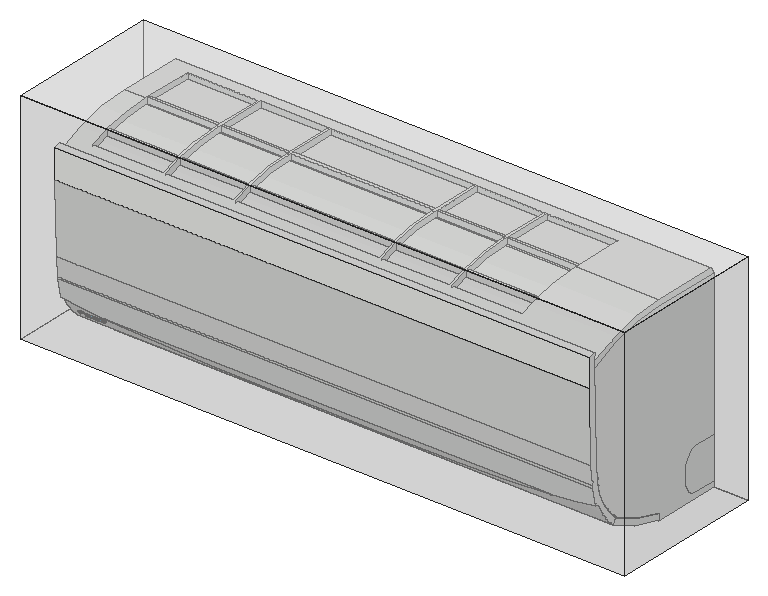
Revit family "outputfile", category 機械設備, Revit 2024
Family settings
  丸型コネクタ寸法 = 半径を使用
  パーツ タイプ = 標準
  OmniClass 番号 = 23.75.10.24.21.27.27
  OmniClass タイトル = Split System Air Conditioning Units
  作業面ベース = いいえ
  常に垂直 = はい
  ロード時にボイドで切り取り = いいえ
  注釈の向きを維持 = いいえ
  共有 = いいえ
  部屋計算ポイント = いいえ
Parameters (values of type "CTXM35RVMA")
  Description = ""
  書き出し IFC クラス(タイプ) = "IfcUnitaryEquipmentType"
  定義済み IFC タイプ(タイプ) = "AIRCONDITIONINGUNIT"
  Cost = 0
  Type Comments = ""
  Keynote = ""
  Type Image = (empty or 0)
  Assembly Code = ""
  w_wall hole = if(Width = 770.0 mm, 48.0 mm, if(Width = 990.0 mm, 60.0 mm, 89.0 mm))  # 48.0 mm
  製造元 = "Daikin"
  モデル = "CTXM35RVMA"
  switch_frequency = yes
  r_Liquid Pipe Size = Liquid Pipe Size / 2  # 3.2 mm
  r_Gas Pipe Size = Gas Pipe Size / 2  # 4.75 mm
  r_Drain Pipe Size = Drain Pipe Size / 2  # 8.0 mm
  lw_powersupply [instance] = if(Width = 770.0 mm, if(or(Rear Right Connection_refrigerant, Bottom Right Connection_refrigerant), 25.0 mm, if(or(Rear Left Connection_refrigerant, Bottom Left Connection_refrigerant), 745.0 mm, 400.0 mm)), if(Width = 990.0 mm, if(or(Rear Right Connection_refrigerant, Bottom Right Connection_refrigerant), 40.0 mm, if(or(Rear Left Connection_refrigerant, Bottom Left Connection_refrigerant), 920.0 mm, 400.0 mm)), if(Width = 1200.0 mm, if(or(Rear Right Connection_refrigerant, Bottom Right Connection_refrigerant), 89.0 mm - 19.0 mm, if(or(Rear Left Connection_refrigerant, Bottom Left Connection_refrigerant), 675.0 mm + (990.0 mm - 770.0 mm) + 145.0 mm + 22.0 mm + 89.0 mm, 400.0 mm)), if(or(Rear Right Connection_refrigerant, Bottom Right Connection_refrigerant), 89.0 mm - 19.0 mm, if(or(Rear Left Connection_refrigerant, Bottom Left Connection_refrigerant), 675.0 mm + (990.0 mm - 770.0 mm) + 145.0 mm + 22.0 mm + 89.0 mm, 400.0 mm)))))  # 400.0 mm
  lw_liquidpipe [instance] = if(Width = 770.0 mm, if(or(Rear Right Connection_refrigerant, Bottom Right Connection_refrigerant), 0.0 mm, if(or(Rear Left Connection_refrigerant, Bottom Left Connection_refrigerant), 664.0 mm, 385.0 mm)), if(Width = 990.0 mm, if(or(Rear Right Connection_refrigerant, Bottom Right Connection_refrigerant), 0.0 mm, if(or(Rear Left Connection_refrigerant, Bottom Left Connection_refrigerant), 664.0 mm + (990.0 mm - 770.0 mm), 475.0 mm)), if(Width = 1200.0 mm, if(or(Rear Right Connection_refrigerant, Bottom Right Connection_refrigerant), 0.0 mm, if(or(Rear Left Connection_refrigerant, Bottom Left Connection_refrigerant), 664.0 mm + (990.0 mm - 770.0 mm) + 145.0 mm, 460.0 mm)), if(or(Rear Right Connection_refrigerant, Bottom Right Connection_refrigerant), 0.0 mm, if(or(Rear Left Connection_refrigerant, Bottom Left Connection_refrigerant), 664.0 mm + (990.0 mm - 770.0 mm) + 145.0 mm, 460.0 mm)))))  # 385.0 mm
  lw_gaspipe [instance] = if(Width = 770.0 mm, if(or(Rear Right Connection_refrigerant, Bottom Right Connection_refrigerant), 0.0 mm, if(or(Rear Left Connection_refrigerant, Bottom Left Connection_refrigerant), 675.0 mm, if(Gas Pipe Size = 12.7 mm, 345.0 mm, 335.0 mm))), if(Width = 990.0 mm, if(or(Rear Right Connection_refrigerant, Bottom Right Connection_refrigerant), 10.0 mm, if(or(Rear Left Connection_refrigerant, Bottom Left Connection_refrigerant), 890.0 mm, if(Gas Pipe Size = 15.9 mm, 410.0 mm, 400.0 mm))), if(Width = 1200.0 mm, if(or(Rear Right Connection_refrigerant, Bottom Right Connection_refrigerant), 10.0 mm, if(or(Rear Left Connection_refrigerant, Bottom Left Connection_refrigerant), 675.0 mm + (990.0 mm - 770.0 mm) + 145.0 mm, 400.0 mm)), if(or(Rear Right Connection_refrigerant, Bottom Right Connection_refrigerant), 10.0 mm, if(or(Rear Left Connection_refrigerant, Bottom Left Connection_refrigerant), 675.0 mm + (990.0 mm - 770.0 mm) + 145.0 mm, 400.0 mm)))))  # 335.0 mm
  lw_drainpipe [instance] = if(Width = 770.0 mm, if(or(Rear Right Connection_refrigerant, Bottom Right Connection_refrigerant), 0.0 mm, if(or(Rear Left Connection_refrigerant, Bottom Left Connection_refrigerant), 770.0 mm - 48.0 mm - 48.0 mm, 440.0 mm)), if(Width = 990.0 mm, if(or(Rear Right Connection_refrigerant, Bottom Right Connection_refrigerant), 0.0 mm, if(or(Rear Left Connection_refrigerant, Bottom Left Connection_refrigerant), 675.0 mm + (990.0 mm - 770.0 mm), 435.0 mm)), if(Width = 1200.0 mm, if(or(Rear Right Connection_refrigerant, Bottom Right Connection_refrigerant), 0.0 mm, if(or(Rear Left Connection_refrigerant, Bottom Left Connection_refrigerant), 675.0 mm + (990.0 mm - 770.0 mm) + 145.0 mm, 465.0 mm)), if(or(Rear Right Connection_refrigerant, Bottom Right Connection_refrigerant), 0.0 mm, if(or(Rear Left Connection_refrigerant, Bottom Left Connection_refrigerant), 675.0 mm + (990.0 mm - 770.0 mm) + 145.0 mm, 465.0 mm)))))  # 440.0 mm
  l_powersupply_length [instance] = if(Width = 770.0 mm, if(Right Connection_refrigerant, 400.0 mm, if(Left Connection_refrigerant, 770.0 mm - 400.0 mm, if(or(Rear Left Connection_refrigerant, Rear Right Connection_refrigerant), 15.0 mm, 50.0 mm))), if(Width = 990.0 mm, if(Right Connection_refrigerant, 400.0 mm, if(Left Connection_refrigerant, 990.0 mm - 400.0 mm, if(or(Rear Left Connection_refrigerant, Rear Right Connection_refrigerant), 15.0 mm, 50.0 mm))), if(Width = 1200.0 mm, if(Right Connection_refrigerant, 400.0 mm, if(Left Connection_refrigerant, 1200.0 mm - 400.0 mm, if(or(Rear Left Connection_refrigerant, Rear Right Connection_refrigerant), 15.0 mm, 50.0 mm))), if(Right Connection_refrigerant, 400.0 mm, if(Left Connection_refrigerant, 1200.0 mm - 400.0 mm, if(or(Rear Left Connection_refrigerant, Rear Right Connection_refrigerant), 15.0 mm, 50.0 mm))))))  # 400.0 mm
  l_liquidpipe_length [instance] = if(Width = 770.0 mm, if(Right Connection_refrigerant, 433.0 mm, if(Left Connection_refrigerant, 337.0 mm, if(or(Rear Left Connection_refrigerant, Rear Right Connection_refrigerant), 30.0 mm, 40.0 mm))), if(Width = 990.0 mm, if(Right Connection_refrigerant, 535.0 mm, if(Left Connection_refrigerant, 455.0 mm, if(or(Rear Left Connection_refrigerant, Rear Right Connection_refrigerant), 30.0 mm, 40.0 mm))), if(Width = 1200.0 mm, if(Right Connection_refrigerant, 549.0 mm, if(Left Connection_refrigerant, 1200.0 mm - 549.0 mm, if(or(Rear Left Connection_refrigerant, Rear Right Connection_refrigerant), 30.0 mm, 40.0 mm))), if(Right Connection_refrigerant, 549.0 mm, if(Left Connection_refrigerant, 1200.0 mm - 549.0 mm, if(or(Rear Left Connection_refrigerant, Rear Right Connection_refrigerant), 30.0 mm, 40.0 mm))))))  # 433.0 mm
  l_gaspipe_length [instance] = if(Width = 770.0 mm, if(Right Connection_refrigerant, if(Gas Pipe Size = 12.7 mm, 393.0 mm, 383.0 mm), if(Left Connection_refrigerant, if(Gas Pipe Size = 12.7 mm, 770.0 mm - 393.0 mm, 770.0 mm - 383.0 mm), if(or(Rear Left Connection_refrigerant, Rear Right Connection_refrigerant), 40.0 mm, 50.0 mm))), if(Width = 990.0 mm, if(Right Connection_refrigerant, if(Gas Pipe Size = 15.9 mm, 470.0 mm, 460.0 mm), if(Left Connection_refrigerant, if(Gas Pipe Size = 15.9 mm, 990.0 mm - 470.0 mm, 990.0 mm - 460.0 mm), if(or(Rear Left Connection_refrigerant, Rear Right Connection_refrigerant), 40.0 mm, 50.0 mm))), if(Width = 1200.0 mm, if(Right Connection_refrigerant, 489.0 mm, if(Left Connection_refrigerant, 1200.0 mm - 489.0 mm, if(or(Rear Left Connection_refrigerant, Rear Right Connection_refrigerant), 40.0 mm, 50.0 mm))), if(Right Connection_refrigerant, 489.0 mm, if(Left Connection_refrigerant, 1200.0 mm - 489.0 mm, if(or(Rear Left Connection_refrigerant, Rear Right Connection_refrigerant), 40.0 mm, 50.0 mm))))))  # 383.0 mm
  l_drainpipe_length [instance] = if(Width = 770.0 mm, if(Right Connection_refrigerant, 488.0 mm, if(Left Connection_refrigerant, 282.0 mm, if(or(Rear Left Connection_refrigerant, Rear Right Connection_refrigerant), 15.0 mm, 20.0 mm))), if(Width = 990.0 mm, if(Right Connection_refrigerant, 495.0 mm, if(Left Connection_refrigerant, 495.0 mm, if(or(Rear Left Connection_refrigerant, Rear Right Connection_refrigerant), 15.0 mm, 20.0 mm))), if(Width = 1200.0 mm, if(Right Connection_refrigerant, 554.0 mm, if(Left Connection_refrigerant, 1200.0 mm - 554.0 mm, if(or(Rear Left Connection_refrigerant, Rear Right Connection_refrigerant), 15.0 mm, 20.0 mm))), if(Right Connection_refrigerant, 554.0 mm, if(Left Connection_refrigerant, 1200.0 mm - 554.0 mm, if(or(Rear Left Connection_refrigerant, Rear Right Connection_refrigerant), 15.0 mm, 20.0 mm))))))  # 488.0 mm
  h*** = 0.0 mm  # constant formula
  connector_voltage = Voltage_50Hz  # 230 V
  connector_powerinput = if([Power Input (Cooling)] > [Power Input (Heating)], [Power Input (Cooling)], [Power Input (Heating)])  # 0.000 kW
  connector_phase = Phase_50Hz  # 1
  angle_vertical [instance] = if(or(Bottom Left Connection_refrigerant, Bottom Right Connection_refrigerant), 0.00°, 90.00°)  # 90.00°
  angle_horizontal [instance] = if(Right Connection_refrigerant, 90.00°, if(Left Connection_refrigerant, -90.00°, if(or(Rear Left Connection_refrigerant, Rear Right Connection_refrigerant), 180.00°, 0.00°)))  # 90.00°
  Width = 770.0 mm
  Voltage_comment_50Hz = "220 - 240"
  Voltage_50Hz = 230 V
  Version = "ver.1.0"
  Unit Type = "Wall Mounted"
  Unit Mass Weight = 9.00 kg
  Unit Designation [instance] = ""
  Uniclass2015Version = "Products v1.30"
  Uniclass2015Title = "Split coil room air conditioning units"
  Uniclass2015Code = "Pr_70_65_03_86"
  URL = ""
  Total Heating Capacity [instance] = 0.000 kW
  Total Cooling Capacity [instance] = 0.000 kW
  Sound Pressure Level_M speed (dBA) = 34
  Sound Pressure Level_L speed (dBA) = 26
  Sound Pressure Level_H speed (dBA) = 42
  Sound Power Level_H speed (dB) = 0
  Series = "Multi Split_Fan Coil Unit"
  Sensible Cooling Capacity [instance] = 0.000 kW
  Refrigerant Type = "R32"
  Power Input (Heating) = 0.000 kW
  Power Input (Cooling) = 0.000 kW
  Phase_50Hz = 1
  Option Accessory 3 [instance] = ""
  Option Accessory 2 [instance] = ""
  Option Accessory 1 [instance] = ""
  Nominal Heating Capacity = 4.300 kW
  Nominal Cooling Capacity = 3.500 kW
  Minimum Circuit Amps_50Hz = 0.0 A
  Minimum Airflow = 354.00 m³/h
  Median Airflow = 474.00 m³/h
  Maximum Fuse Amps_50Hz = 0.0 A
  Maximum Airflow = 678.00 m³/h
  Material_Casing = DAIKIN_White_Casing_indoorunit
  Load Classification = HVAC
  Liquid Pipe Size = 6.4 mm
  Link_Nested Family [instance] = ""
  IfcVersion = ""
  IfcExportType = "AIRCONDITIONINGUNIT"
  IfcExportAs = "IfcUnitaryEquipmentType"
  Height = 285.0 mm
  Heating Entering Wet Bulb Temperature [instance] = 0.00 °C
  Heating Entering Dry Bulb Temperature [instance] = 0.00 °C
  Heating Ambient Wet Bulb Temperature [instance] = 0.00 °C
  Heating Ambient Dry Bulb Temperature [instance] = 0.00 °C
  Heat Exchanger Type = "Cross Fin Coil"
  Gas Pipe Size = 9.5 mm
  Frequency_50Hz = 50 Hz
  Fan Type = "Cross Flow Fan"
  Fan Drive = "Direct Drive"
  FCU Tag No. [instance] = ""
  Drain Pipe Size = 16.0 mm
  Design Supply Airflow [instance] = 0.00 m³/h
  Depth = 223.0 mm
  既定の高さ = 0.0 mm
  Cooling Entering Wet Bulb Temperature [instance] = 0.00 °C
  Cooling Entering Dry Bulb Temperature [instance] = 0.00 °C
  Cooling Ambient Wet Bulb Temperature [instance] = 0.00 °C
  Cooling Ambient Dry Bulb Temperature [instance] = 0.00 °C
  Clearance visibility [instance] = yes
  Clearance Top = 30.0 mm
  Clearance Right = 50.0 mm
  Clearance Rear = 0.0 mm
  Clearance Left = 50.0 mm
  Clearance Front = 0.0 mm
  Clearance Bottom = 0.0 mm
  Bottom Right Connection_refrigerant [instance] = no
  Bottom Left Connection_refrigerant [instance] = no
  Rear Right Connection_refrigerant [instance] = no
  Rear Left Connection_refrigerant [instance] = no
  Right Connection_refrigerant [instance] = yes
  Left Connection_refrigerant [instance] = no
Reference planes
  plane 1 "Back": y = 0
  plane 2: z = 0
  plane 3 "Center (Left/Right)": x = 0
  plane 4 "Center (Front/Back)": y = -111.5
  plane 5 "Front": y = -223
  plane 6 "Left": x = -385
  plane 7 "Right": x = 385
  plane 8 "Top": z = 0
  plane 9 "Bottom": z = -285
  plane 10: x = -435
  plane 11: x = 435
  plane 12: y = 0
  plane 13: y = -223
  plane 14: z = 30
  plane 15: z = -285
  plane 16 "lw_Piping and Wiring intake": x = 337
  plane 17 "lw_gaspipe": x = 2
  plane 18 "lw_liquidpipe": x = -48
  plane 19 "lw_drainpipe": x = -103
  plane 20 "lh_drainpipe": z = -265
  plane 21 "lh_liquidpipe": z = -245
  plane 22 "lh_gaspipe": z = -235
  plane 23 "ld_drainpipe": y = -15
  plane 24 "ld_liquidpipe": y = -30
  plane 25 "ld_gaspipe": y = -40
  plane 26 "lw_powersupply": x = -15
Dimensions and locks
  equal spacing: plane 6 "Left", plane 3 "Center (Left/Right)", plane 7 "Right"
  "Width": plane 6 "Left" to plane 7 "Right"
  equal spacing: plane 5 "Front", plane 4 "Center (Front/Back)", plane 1 "Back"
  "Depth": plane 5 "Front" to plane 1 "Back"
  "Height": plane 8 "Top" to plane 9 "Bottom"
  "Clearance Rear": plane 12 to plane 1 "Back"
  "Clearance Front": plane 13 to plane 5 "Front"
  "Clearance Top": plane 14 to plane 8 "Top"
  "Clearance Bottom": plane 9 "Bottom" to plane 15
  "w_wall hole": plane 16 "lw_Piping and Wiring intake" to plane 7 "Right"
  "lw_gaspipe": plane 17 "lw_gaspipe" to plane 16 "lw_Piping and Wiring intake"
  "lw_liquidpipe": plane 18 "lw_liquidpipe" to plane 16 "lw_Piping and Wiring intake"
  "lw_drainpipe": plane 19 "lw_drainpipe" to plane 16 "lw_Piping and Wiring intake"
  locked: plane 20 "lh_drainpipe" to plane 9 "Bottom" at 20
  locked: plane 21 "lh_liquidpipe" to plane 9 "Bottom" at 40
  locked: plane 22 "lh_gaspipe" to plane 9 "Bottom" at 50
  locked: plane 23 "ld_drainpipe" to plane 1 "Back" at 15
  locked: plane 1 "Back" to plane 24 "ld_liquidpipe" at 30
  locked: plane 1 "Back" to plane 25 "ld_gaspipe" at 40
  "lw_powersupply": plane 26 "lw_powersupply" to plane 7 "Right"
  "Clearance Right": plane 7 "Right" to plane 11
  "Clearance Left": plane 10 to plane 6 "Left"
  aligned and locked: level to plane 2
  aligned and locked: plane 12 to nested 1
  aligned and locked: nested 1 to plane 13
  aligned and locked: plane 10 to nested 1
  aligned and locked: plane 11 to nested 1
  aligned and locked: plane 15 to nested 1
  aligned and locked: plane 14 to nested 1
  aligned and locked: plane 17 "lw_gaspipe" to nested 2
  aligned and locked: nested 2 to plane 25 "ld_gaspipe"
  aligned and locked: plane 18 "lw_liquidpipe" to nested 3
  aligned and locked: nested 3 to plane 24 "ld_liquidpipe"
  aligned and locked: plane 19 "lw_drainpipe" to nested 4
  aligned and locked: nested 4 to plane 23 "ld_drainpipe"
  aligned and locked: nested 5 to plane 23 "ld_drainpipe"
  aligned and locked: plane 26 "lw_powersupply" to nested 5
  aligned and locked: level to plane 8 "Top"
  aligned and locked: plane 3 "Center (Left/Right)" to nested 6
  aligned and locked: plane 1 "Back" to nested 6
  aligned and locked: plane 8 "Top" to nested 6
Nested families
  nested 1: "daikin_clearancespace" at (0, -111.5, -127.381), show <- "Clearance visibility", visible <- "Clearance visibility", Link_Nested Family <- "Link_Nested Family", type "daikin_clearancespace"
    with width 870.0 mm, show yes, height 315.0 mm, depth 223.0 mm, Link_Nested Family ""
  nested 2: "daikin_connector_rotate3" at (2, -40, -235), angle_vertical <- "angle_vertical", angle_horizontal <- "angle_horizontal", length <- "l_gaspipe_length", radius <- "r_Gas Pipe Size", type "daikin_connector_rotate3"
    with show no, radius 4.75 mm, length 383.0 mm, angle_vertical 90.00°, angle_horizontal 90.00°
  nested 3: "daikin_connector_rotate3" at (-48, -30, -245), angle_vertical <- "angle_vertical", angle_horizontal <- "angle_horizontal", radius <- "r_Liquid Pipe Size", length <- "l_liquidpipe_length", type "daikin_connector_rotate3"
    with show no, radius 3.2 mm, length 433.0 mm, angle_vertical 90.00°, angle_horizontal 90.00°
  nested 4: "daikin_connector_rotate3" at (-103, -15, -265), angle_vertical <- "angle_vertical", angle_horizontal <- "angle_horizontal", length <- "l_drainpipe_length", radius <- "r_Drain Pipe Size", type "daikin_connector_rotate3"
    with show no, radius 8.0 mm, length 488.0 mm, angle_vertical 90.00°, angle_horizontal 90.00°
  nested 5: "daikin_connector_rotate3" at (-15, -15, -235), angle_vertical <- "angle_vertical", angle_horizontal <- "angle_horizontal", length <- "l_powersupply_length", type "daikin_connector_rotate3"
    with show no, radius 10.0 mm, length 400.0 mm, angle_vertical 90.00°, angle_horizontal 90.00°
  nested 6: "DAIKIN_indoorunit_CTXM-RVMA" at (-31, 0, 0), type "CTXM-RVMA"
Connectors
  piping at (385, -40, -235), diameter 9.5, driven by "r_Gas Pipe Size"
    settings: on nested 2, index 1, connector inside diameter 609.6 mm, connector length 0.0 mm, flow factor 0, pipe flow 0.00 m³/h, pressure drop 0.0 Pa, fitting loss kfactor 0, connector angle 0.00°, fixture units 0, engagement length 0.0 mm, angle of deflection 0.00°, flow configuration 1, flow direction 2, fitting loss method 0, system type 29, joint type 0, gender type 0, connector reference index -1, connector utility 0, adjustable connector no, is connector primary yes, connector description "Refrigerant Gas Piping"
  piping at (385, -30, -245), diameter 6.4, driven by "r_Liquid Pipe Size"
    settings: on nested 3, index 2, connector inside diameter 609.6 mm, connector length 0.0 mm, flow factor 0, pipe flow 0.00 m³/h, pressure drop 0.0 Pa, fitting loss kfactor 0, connector angle 0.00°, fixture units 0, engagement length 0.0 mm, angle of deflection 0.00°, flow configuration 1, flow direction 1, fitting loss method 0, system type 29, joint type 0, gender type 0, connector reference index -1, connector utility 0, adjustable connector no, is connector primary no, connector description "Refrigerant Liquid Piping"
  piping at (385, -15, -265), diameter 16, driven by "r_Drain Pipe Size"
    settings: on nested 4, index 3, connector inside diameter 609.6 mm, connector length 0.0 mm, flow factor 0, pipe flow 0.00 m³/h, pressure drop 0.0 Pa, fitting loss kfactor 0, connector angle 0.00°, fixture units 0, engagement length 0.0 mm, angle of deflection 0.00°, flow configuration 1, flow direction 2, fitting loss method 4, system type 16, joint type 0, gender type 0, connector reference index -1, connector utility 0, adjustable connector no, is connector primary no, connector description "Condensate Drain Piping"
  electrical at (385, -15, -235), driven by "Load Classification", driven by "connector_voltage", driven by "connector_phase", driven by "connector_powerinput"
    settings: on nested 5, index 4, voltage 230 V, apparent load 0 VA, apparent load phase1 0 VA, apparent load phase2 0 VA, apparent load phase3 0 VA, power factor 1, load classification "HVAC", number of poles 1, system type 30, power factor state 1, is connector primary yes, connector utility no, sub classification motor no, connector description "Power Supply"
Definition of nested family "daikin_clearancespace"
  Parameters (values of type "daikin_clearancespace")
    Description = "daikin_clearancespace"
    width [instance] = 1823.963 mm
    show [instance] = yes
    material = none
    height [instance] = 1359.762 mm
    depth [instance] = 880.0 mm
    Default Elevation = 0.0 mm
    Link_Nested Family [instance] = ""
  Reference planes
    plane 1 "Center (Front/Back)": y = 0
    plane 2 "Center (Elevation)": z = -0.119
    plane 3 "Center (Left/Right)": x = 0
    plane 4: y = 440
    plane 5: y = -440
    plane 6 "Right": x = 911.982
    plane 7 "Left": x = -911.982
    plane 8 "Top": z = 679.762
    plane 9 "Bottom": z = -680
  Forms (mm)
    Extrusion 1, solid, material <- "material", visible <- "show"
      sketch origin (0, 0, 0) x (1, 0, 0) y (0, 1, 0)
        loop
          line (-911.982, 440) -> (-911.982, -440) -> (911.982, -440) -> (911.982, 440) -> (-911.982, 440)
      from -680 to 679.762
  Lines and regions (mm)
    symbolic lines, visible <- "show"
      curve 1: line (911.982, 440, 0) -> (-911.982, 440, 0)
      curve 2: line (-911.982, 440, 0) -> (-911.982, -440, 0)
      curve 3: line (-911.982, -440, 0) -> (911.982, -440, 0)
      curve 4: line (911.982, -440, 0) -> (911.982, 440, 0)
      curve 5: line (911.982, 0, 679.762) -> (-911.982, 0, 679.762)
      curve 6: line (911.982, 0, -680) -> (911.982, 0, 679.762)
      curve 7: line (-911.982, 0, -680) -> (911.982, 0, -680)
      curve 8: line (-911.982, 0, 679.762) -> (-911.982, 0, -680)
      curve 9: line (0, 440, 679.762) -> (0, -440, 679.762)
      curve 10: line (0, -440, 679.762) -> (0, -440, -680)
      curve 11: line (0, 440, -680) -> (0, 440, 679.762)
      curve 12: line (0, -440, -680) -> (0, 440, -680)
  Dimensions and locks
    "width": plane 7 "Left" to plane 6 "Right"
    "depth": plane 4 to plane 5
    "height": plane 8 "Top" to plane 9 "Bottom"
    equal spacing: plane 7 "Left", plane 3 "Center (Left/Right)", plane 6 "Right"
    equal spacing: plane 4, plane 1 "Center (Front/Back)", plane 5
    equal spacing: plane 8 "Top", plane 2 "Center (Elevation)", plane 9 "Bottom"
    aligned and locked: level to plane 2 "Center (Elevation)"
    aligned and locked: Extrusion 1 sketch curve to plane 4
    aligned and locked: plane 7 "Left" to Extrusion 1 sketch curve
    aligned and locked: Extrusion 1 sketch curve to plane 5
    aligned and locked: Extrusion 1 sketch curve to plane 6 "Right"
    aligned and locked: plane 8 "Top" to Extrusion 1
    aligned and locked: curve 1 to Extrusion 1
    aligned and locked: curve 2 to Extrusion 1
    aligned and locked: curve 3 to Extrusion 1
    aligned and locked: curve 4 to Extrusion 1
    aligned and locked: curve 5 to Extrusion 1
    aligned and locked: curve 6 to Extrusion 1
    aligned and locked: curve 7 to Extrusion 1
    aligned and locked: curve 8 to Extrusion 1
    aligned and locked: curve 9 to Extrusion 1
    aligned and locked: curve 10 to Extrusion 1
    aligned and locked: curve 11 to Extrusion 1
    aligned and locked: curve 12 to Extrusion 1
    aligned and locked: Extrusion 1 to plane 9 "Bottom"
Definition of nested family "DAIKIN_indoorunit_CTXM-RVMA"
  Parameters (values of type "CTXM-RVMA")
    switch_unit1_85-95 = Width = 1200.0 mm  # no
    switch_unit1_50-71 = Width = 990.0 mm  # no
    switch_unit1_20-46 = Width = 770.0 mm  # yes
    Width = 770.0 mm
    WALL HOLE_L = if(Width = 1200.0 mm, 65.0 mm, 48.0 mm)  # 48.0 mm
    WALL HOLE_H = if(Width = 1200.0 mm, 45.0 mm, 44.5 mm)  # 44.5 mm
    WALL HOLE-R = if(Width = 770.0 mm, 48.0 mm, if(Width = 990.0 mm, 60.0 mm, 89.0 mm))  # 48.0 mm
    WALL HOLE Size = if(Width = 770.0 mm, 65.0 mm, 80.0 mm)  # 65.0 mm
    Material_Casing = none
    Height = if(Width = 770.0 mm, 285.0 mm, if(Width = 990.0 mm, 295.0 mm, 340.0 mm))  # 285.0 mm
    Default Elevation = 0.0 mm
  Reference planes
    plane 1 "Center (Front/Back)": y = 0
    plane 2 "reference_level": z = 0
    plane 3 "Center (Left/Right)": x = 31
    plane 4: x = -354
    plane 5: x = 416
    plane 6: z = -285
  Forms (mm)
    Extrusion 1, solid, material <- "Material_Casing", visible <- "switch_unit1_20-46"
      sketch origin (29, 0, 0) x (0, 1, 0) y (0, 0, 1)
        loop
          line (-5, 0) -> (-98, 0)
          arc (-98, 0) -> (-157.611, -7.211) -> (-213.783, -28.427) r 250
          arc (-213.783, -28.427) -> (-213.842, -32.972) -> (-213.892, -37.516) r 2191
          arc (-213.892, -37.516) -> (-157.832, -15.495) -> (-98.07, -8) r 242
          line (-98.07, -8) -> (0, -8) -> (-5, 0)
      from -383 to 387
    Extrusion 2, solid, material <- "Material_Casing", visible <- "switch_unit1_20-46"
      sketch origin (416, 1296.25, 1200) x (0, 1, 0) y (0, 0, 1)
        loop
          line (-1472.998, -1446.91) -> (-1476.998, -1453.839)
          arc (-1476.998, -1453.839) -> (-1437.481, -1472.422) -> (-1395.25, -1483.538) r 240
          line (-1395.25, -1483.538) -> (-1395.25, -1475.422)
          arc (-1395.25, -1475.422) -> (-1435.407, -1464.663) -> (-1472.998, -1446.91) r 232
      from 0 to -47.5
    Extrusion 3, solid, material <- "Material_Casing", visible <- "switch_unit1_20-46"
      sketch origin (29, 0, 0) x (0, 1, 0) y (0, 0, 1)
        loop
          arc (-223, -60.455) -> (-222.414, -110.646) -> (-220.656, -160.81) r 2149.92
          arc (-220.656, -160.81) -> (-219.65, -174.299) -> (-217.853, -187.706) r 229.911
          arc (-217.853, -187.706) -> (-205.371, -223.594) -> (-181.517, -253.17) r 111
          line (-181.517, -253.17) -> (-177.429, -246.093)
          arc (-177.429, -246.093) -> (-198.77, -218.989) -> (-209.965, -186.36) r 103
          arc (-209.965, -186.36) -> (-211.681, -173.586) -> (-212.651, -160.735) r 221.844
          arc (-212.651, -160.735) -> (-214.739, -93.233) -> (-214.74, -25.699) r 2186.828
          arc (-214.74, -25.699) -> (-214.671, -21.467) -> (-214.594, -17.235) r 2192
          line (-214.594, -17.235) -> (-223, -19.961) -> (-223, -60.455)
      from -383 to 387
    Extrusion 4, solid, material <- "Material_Casing", visible <- "switch_unit1_20-46"
      sketch origin (29, 0, 0) x (0, 1, 0) y (0, 0, 1)
        loop
          line (-181.517, -253.17) -> (-179.597, -249.846)
          arc (-179.597, -249.846) -> (-202.009, -221.399) -> (-213.189, -186.952) r 103
          line (-213.189, -186.952) -> (-217.853, -187.706)
          arc (-217.853, -187.706) -> (-217.533, -189.556) -> (-217.182, -191.4) r 111
          arc (-217.182, -191.4) -> (-213.806, -208.181) -> (-210.362, -224.948) r 4257.809
          arc (-210.362, -224.948) -> (-198.886, -237.857) -> (-186.225, -249.607) r 180
          line (-186.225, -249.607) -> (-181.517, -253.17)
      from -383 to 387
    Extrusion 5, solid, material <- "Material_Casing", visible <- "switch_unit1_20-46"
      sketch origin (29, 0, -20) x (0, 1, 0) y (0, 0, 1)
        loop
          line (0, -265) -> (0, 12) -> (-98.07, 12)
          arc (-98.07, 12) -> (-157.832, 4.505) -> (-213.892, -17.516) r 242
          arc (-213.892, -17.516) -> (-213.638, -79.114) -> (-211.653, -140.681) r 2191
          arc (-211.653, -140.681) -> (-210.685, -153.501) -> (-208.973, -166.243) r 221
          arc (-208.973, -166.243) -> (-197.471, -199.282) -> (-175.482, -226.491) r 102
          arc (-175.482, -226.491) -> (-138.004, -244.019) -> (-98, -254.579) r 231
          line (-98, -254.579) -> (-98, -265) -> (0, -265)
      from -383 to 387
    Extrusion 6, solid, material <- "Material_Casing", visible <- "switch_unit1_20-46"
      sketch origin (-354, 1296.25, 1200) x (0, 1, 0) y (0, 0, 1)
        loop
          line (-1472.998, -1446.91) -> (-1476.998, -1453.839)
          arc (-1476.998, -1453.839) -> (-1437.481, -1472.422) -> (-1395.25, -1483.538) r 240
          line (-1395.25, -1483.538) -> (-1395.25, -1475.422)
          arc (-1395.25, -1475.422) -> (-1435.407, -1464.663) -> (-1472.998, -1446.91) r 232
      from 47 to 0
    Extrusion 7, solid, material <- "Material_Casing", visible <- "switch_unit1_20-46"
      sketch origin (416, 1296.25, 1200) x (0, 1, 0) y (0, 0, 1)
        loop
          line (-1472.998, -1446.91) -> (-1476.998, -1453.839)
          arc (-1476.998, -1453.839) -> (-1443.437, -1470.168) -> (-1407.75, -1481.097) r 240
          line (-1407.75, -1481.097) -> (-1407.75, -1472.894)
          arc (-1407.75, -1472.894) -> (-1441.363, -1462.385) -> (-1472.998, -1446.91) r 232
      from -116.993 to -48.493
    Extrusion 8, solid, material <- "Material_Casing", visible <- "switch_unit1_20-46"
      sketch origin (416, 1296.25, 1200) x (0, 1, 0) y (0, 0, 1)
        loop
          line (-1472.998, -1446.91) -> (-1476.998, -1453.839)
          arc (-1476.998, -1453.839) -> (-1443.437, -1470.168) -> (-1407.75, -1481.097) r 240
          line (-1407.75, -1481.097) -> (-1407.75, -1472.894)
          arc (-1407.75, -1472.894) -> (-1441.363, -1462.385) -> (-1472.998, -1446.91) r 232
      from -717 to -121.993
    Extrusion 9, void
      sketch origin (31, 0, -235) x (1, 0, 0) y (0, 1, 0)
        loop
          line (-252.674, -22.316) -> (-354.941, -22.316) -> (-354.941, -91.341) -> (-252.674, -91.341) -> (-252.674, -22.316)
        loop
          line (-249.341, -91.341) -> (-151.574, -91.341) -> (-151.574, -22.316) -> (-249.341, -22.316) -> (-249.341, -91.341)
        loop
          line (58.309, -22.316) -> (-148.309, -22.316) -> (-148.309, -91.341) -> (58.309, -91.341) -> (58.309, -22.316)
        loop
          line (61.689, -22.316) -> (61.689, -91.341) -> (159.457, -91.341) -> (159.457, -22.316) -> (61.689, -22.316)
        loop
          line (162.789, -22.316) -> (162.789, -91.341) -> (265.057, -91.341) -> (265.057, -22.316) -> (162.789, -22.316)
        loop
          line (-354.941, -94.659) -> (-354.941, -165.259) -> (-252.674, -165.259) -> (-252.674, -94.659) -> (-354.941, -94.659)
        loop
          line (-249.341, -94.659) -> (-249.341, -165.259) -> (-151.574, -165.259) -> (-151.574, -94.659) -> (-249.341, -94.659)
        loop
          line (-148.309, -94.659) -> (-148.309, -165.259) -> (58.309, -165.259) -> (58.309, -94.659) -> (-148.309, -94.659)
        loop
          line (61.689, -94.659) -> (61.689, -165.259) -> (159.457, -165.259) -> (159.457, -94.659) -> (61.689, -94.659)
        loop
          line (162.789, -94.659) -> (162.789, -165.259) -> (265.057, -165.259) -> (265.057, -94.659) -> (162.789, -94.659)
        loop
          line (-354.941, -167.382) -> (-354.941, -192.681) -> (-252.674, -192.681) -> (-252.674, -167.382) -> (-354.941, -167.382)
        loop
          line (-249.341, -167.382) -> (-249.341, -192.681) -> (-151.574, -192.681) -> (-151.574, -167.382) -> (-249.341, -167.382)
        loop
          line (-148.309, -167.382) -> (-148.309, -192.681) -> (58.309, -192.681) -> (58.309, -167.382) -> (-148.309, -167.382)
        loop
          line (159.457, -167.382) -> (61.689, -167.382) -> (61.689, -192.681) -> (159.457, -192.681) -> (159.457, -167.382)
        loop
          line (265.057, -167.382) -> (162.789, -167.382) -> (162.789, -192.681) -> (265.057, -192.681) -> (265.057, -167.382)
      from 201.638 to 250
    Extrusion 10, void
      sketch origin (31, 0, 0) x (1, 0, 0) y (0, 0, 1)
        loop
          arc (597, -174.907) -> (0.056, -245.263) -> (-597, -175.856) r 2585.042
          line (-597, -175.856) -> (-597, -352.872) -> (597, -352.872) -> (597, -174.907)
      from 173 to 315.3
    Extrusion 11, solid, material <- "Material_Casing"
      sketch origin (31, 0, 0) x (1, 0, 0) y (0, 0, 1)
        loop
          circle (337, -240.5) r 32.5
        loop
          circle (-337, -240.5) r 32.5
      from 0 to 5
    Extrusion 12, solid, material <- "Material_Casing", visible <- "switch_unit1_20-46"
      sketch origin (416, 1296.25, 1200) x (0, -1, 0) y (0, 0, 1)
        loop
          line (1326.25, -1417) -> (1296.25, -1417) -> (1296.25, -1477) -> (1326.25, -1477)
          arc (1326.25, -1477) -> (1340.393, -1471.142) -> (1346.25, -1457) r 20
          line (1346.25, -1457) -> (1346.25, -1437)
          arc (1346.25, -1437) -> (1340.393, -1422.858) -> (1326.25, -1417) r 20
      from 0 to 5
    Extrusion 13, solid, material <- "Material_Casing", visible <- "switch_unit1_20-46"
      sketch origin (-354, 1296.25, 1200) x (0, 1, 0) y (0, 0, 1)
        loop
          line (-1296.25, -1417) -> (-1326.25, -1417)
          arc (-1326.25, -1417) -> (-1340.393, -1422.858) -> (-1346.25, -1437) r 20
          line (-1346.25, -1437) -> (-1346.25, -1457)
          arc (-1346.25, -1457) -> (-1340.393, -1471.142) -> (-1326.25, -1477) r 20
          line (-1326.25, -1477) -> (-1296.25, -1477) -> (-1296.25, -1417)
      from 0 to 5
    Extrusion 14, solid, material <- "Material_Casing", visible <- "switch_unit1_20-46"
      sketch origin (31, 0, -285) x (-1, 0, 0) y (0, -1, 0)
        loop
          line (-314, 0) -> (-314, 30)
          arc (-314, 30) -> (-319.858, 44.142) -> (-334, 50) r 20
          line (-334, 50) -> (-354, 50)
          arc (-354, 50) -> (-368.142, 44.142) -> (-374, 30) r 20
          line (-374, 30) -> (-374, 0) -> (-314, 0)
        loop
          line (374, 0) -> (374, 30)
          arc (374, 30) -> (368.142, 44.142) -> (354, 50) r 20
          line (354, 50) -> (334, 50)
          arc (334, 50) -> (319.858, 44.142) -> (314, 30) r 20
          line (314, 30) -> (314, 0) -> (374, 0)
      from 0 to 5
    Extrusion 15, solid, material <- "Material_Casing", visible <- "switch_unit1_50-71"
      sketch origin (31, 0, 0) x (0, 1, 0) y (0, 0, 1)
        loop
          line (-5, 0) -> (-138, 0)
          arc (-138, 0) -> (-197.611, -7.211) -> (-253.783, -28.427) r 250
          arc (-253.783, -28.427) -> (-253.838, -32.687) -> (-253.886, -36.946) r 2191
          arc (-253.886, -36.946) -> (-197.73, -15.346) -> (-138.014, -8) r 246.393
          line (-138.014, -8) -> (0, -8) -> (-5, 0)
      from -495 to 495
    Extrusion 16, solid, material <- "Material_Casing", visible <- "switch_unit1_50-71"
      sketch origin (418, 1296.25, 1200) x (0, 1, 0) y (0, 0, 1)
        loop
          arc (-1515.208, -1454.149) -> (-1506.856, -1460.599) -> (-1497.925, -1466.219) r 110
          arc (-1497.925, -1466.219) -> (-1445.718, -1487.493) -> (-1389.844, -1494.995) r 223
          line (-1389.844, -1494.995) -> (-1389.844, -1486.086) -> (-1404.386, -1486.086)
          arc (-1404.386, -1486.086) -> (-1449.542, -1477.46) -> (-1491.818, -1459.402) r 214.289
          arc (-1491.818, -1459.402) -> (-1501.056, -1453.541) -> (-1509.606, -1446.715) r 101
          line (-1509.606, -1446.715) -> (-1515.208, -1454.149)
      from 108 to 57.5
    Extrusion 17, solid, material <- "Material_Casing", visible <- "switch_unit1_50-71"
      sketch origin (31, 0, 0) x (0, 1, 0) y (0, 0, 1)
        loop
          line (-263, -19.962) -> (-263, -61.6)
          arc (-263, -61.6) -> (-262.414, -110.219) -> (-260.656, -158.81) r 2017.341
          arc (-260.656, -158.81) -> (-255.648, -191.935) -> (-244.041, -223.362) r 164.725
          arc (-244.041, -223.362) -> (-233.569, -239.793) -> (-219.717, -253.495) r 87.379
          line (-219.717, -253.495) -> (-214.706, -246.846)
          arc (-214.706, -246.846) -> (-229.564, -230.029) -> (-240.385, -210.371) r 102
          arc (-240.385, -210.371) -> (-249.049, -182.962) -> (-252.848, -154.467) r 165.789
          arc (-252.848, -154.467) -> (-254.771, -90.102) -> (-254.74, -25.708) r 2122.533
          arc (-254.74, -25.708) -> (-254.671, -21.469) -> (-254.594, -17.23) r 2192
          line (-254.594, -17.23) -> (-263, -19.962)
      from -495 to 495
    Extrusion 18, void
      sketch origin (33, 0, 0) x (1, 0, 0) y (0, 1, 0)
        loop
          line (-466.909, -22.316) -> (-466.909, -111.341) -> (-366.303, -111.341) -> (-366.303, -22.316) -> (-466.909, -22.316)
        loop
          line (-362.71, -22.316) -> (-362.71, -111.341) -> (-262.103, -111.341) -> (-262.103, -22.316) -> (-362.71, -22.316)
        loop
          line (-258.51, -22.316) -> (-258.51, -111.341) -> (-157.904, -111.341) -> (-157.904, -22.316) -> (-258.51, -22.316)
        loop
          line (-154.31, -22.316) -> (-154.31, -111.341) -> (-53.704, -111.341) -> (-53.704, -22.316) -> (-154.31, -22.316)
        loop
          line (-50.11, -22.316) -> (-50.11, -111.341) -> (50.496, -111.341) -> (50.496, -22.316) -> (-50.11, -22.316)
        loop
          line (54.089, -22.316) -> (54.089, -111.341) -> (154.696, -111.341) -> (154.696, -22.316) -> (54.089, -22.316)
        loop
          line (158.289, -22.316) -> (158.289, -111.341) -> (258.895, -111.341) -> (258.895, -22.316) -> (158.289, -22.316)
        loop
          line (262.489, -22.316) -> (262.489, -111.341) -> (363.095, -111.341) -> (363.095, -22.316) -> (262.489, -22.316)
        loop
          line (-466.909, -114.459) -> (-466.909, -185.059) -> (-366.303, -185.059) -> (-366.303, -114.459) -> (-466.909, -114.459)
        loop
          line (-362.71, -114.459) -> (-362.71, -185.059) -> (-262.103, -185.059) -> (-262.103, -114.459) -> (-362.71, -114.459)
        loop
          line (-258.51, -114.459) -> (-258.51, -185.059) -> (-157.904, -185.059) -> (-157.904, -114.459) -> (-258.51, -114.459)
        loop
          line (-154.31, -114.459) -> (-154.31, -185.059) -> (-53.704, -185.059) -> (-53.704, -114.459) -> (-154.31, -114.459)
        loop
          line (-50.11, -114.459) -> (-50.11, -185.059) -> (50.496, -185.059) -> (50.496, -114.459) -> (-50.11, -114.459)
        loop
          line (54.089, -114.459) -> (54.089, -185.059) -> (154.696, -185.059) -> (154.696, -114.459) -> (54.089, -114.459)
        loop
          line (158.289, -114.459) -> (158.289, -185.059) -> (258.895, -185.059) -> (258.895, -114.459) -> (158.289, -114.459)
        loop
          line (262.489, -114.459) -> (262.489, -185.059) -> (363.095, -185.059) -> (363.095, -114.459) -> (262.489, -114.459)
        loop
          line (-466.909, -187.382) -> (-466.909, -232.681) -> (-366.303, -232.681) -> (-366.303, -187.382) -> (-466.909, -187.382)
        loop
          line (-362.71, -187.382) -> (-362.71, -232.681) -> (-262.103, -232.681) -> (-262.103, -187.382) -> (-362.71, -187.382)
        loop
          line (-258.51, -187.382) -> (-258.51, -232.681) -> (-157.904, -232.681) -> (-157.904, -187.382) -> (-258.51, -187.382)
        loop
          line (-154.31, -187.382) -> (-154.31, -232.681) -> (-53.704, -232.681) -> (-53.704, -187.382) -> (-154.31, -187.382)
        loop
          line (-50.11, -187.382) -> (-50.11, -232.681) -> (50.496, -232.681) -> (50.496, -187.382) -> (-50.11, -187.382)
        loop
          line (54.089, -187.382) -> (54.089, -232.681) -> (154.696, -232.681) -> (154.696, -187.382) -> (54.089, -187.382)
        loop
          line (158.289, -187.382) -> (158.289, -232.681) -> (258.895, -232.681) -> (258.895, -187.382) -> (158.289, -187.382)
        loop
          line (262.489, -187.382) -> (262.489, -232.681) -> (363.095, -232.681) -> (363.095, -187.382) -> (262.489, -187.382)
      from -40.013 to 47.268
    Extrusion 19, void
      sketch origin (33, 0, 2300) x (1, 0, 0) y (0, 0, 1)
        loop
          line (705, -2672.872) -> (705, -2462.4)
          arc (705, -2462.4) -> (-2.043, -2534.819) -> (-709, -2461.567) r 3467.757
          line (-709, -2461.567) -> (-709, -2672.872) -> (705, -2672.872)
      from 173 to 315.3
    Extrusion 20, solid, material <- "Material_Casing", visible <- "switch_unit1_50-71"
      sketch origin (-356, 1296.25, 1200) x (0, 1, 0) y (0, 0, -1)
        loop
          line (-1515.208, 1454.149) -> (-1509.606, 1446.715)
          arc (-1509.606, 1446.715) -> (-1501.056, 1453.541) -> (-1491.818, 1459.402) r 101
          arc (-1491.818, 1459.402) -> (-1449.542, 1477.46) -> (-1404.386, 1486.086) r 214.289
          line (-1404.386, 1486.086) -> (-1389.844, 1486.086) -> (-1389.844, 1494.995)
          arc (-1389.844, 1494.995) -> (-1445.718, 1487.493) -> (-1497.925, 1466.219) r 223
          arc (-1497.925, 1466.219) -> (-1506.856, 1460.599) -> (-1515.208, 1454.149) r 110
      from 108 to 61
    Extrusion 21, solid, material <- "Material_Casing", visible <- "switch_unit1_50-71"
      sketch origin (418, 1296.25, 1200) x (0, 1, 0) y (0, 0, 1)
        loop
          arc (-1515.208, -1454.149) -> (-1506.856, -1460.599) -> (-1497.925, -1466.219) r 110
          arc (-1497.925, -1466.219) -> (-1463.185, -1482.066) -> (-1426.25, -1491.755) r 223
          line (-1426.25, -1491.755) -> (-1426.25, -1483.166)
          arc (-1426.25, -1483.166) -> (-1460.008, -1473.969) -> (-1491.818, -1459.402) r 214.289
          arc (-1491.818, -1459.402) -> (-1501.056, -1453.541) -> (-1509.606, -1446.715) r 101
          line (-1509.606, -1446.715) -> (-1515.208, -1454.149)
      from 56.5 to -36.993
    Extrusion 22, solid, material <- "Material_Casing", visible <- "switch_unit1_50-71"
      sketch origin (418, 1296.25, 1200) x (0, 1, 0) y (0, 0, 1)
        loop
          arc (-1426.25, -1483.166) -> (-1443.442, -1479.224) -> (-1460.25, -1473.881) r 214.289
          line (-1460.25, -1473.881) -> (-1460.25, -1483.089)
          arc (-1460.25, -1483.089) -> (-1443.421, -1488.091) -> (-1426.25, -1491.755) r 223
          line (-1426.25, -1491.755) -> (-1426.25, -1483.166)
      from -43.493 to -828.893
    Extrusion 23, solid, material <- "Material_Casing", visible <- "switch_unit1_50-71"
      sketch origin (418, 1296.25, 1200) x (0, 1, 0) y (0, 0, 1)
        loop
          arc (-1515.208, -1454.149) -> (-1506.856, -1460.599) -> (-1497.925, -1466.219) r 110
          arc (-1497.925, -1466.219) -> (-1479.479, -1475.527) -> (-1460.25, -1483.089) r 223
          line (-1460.25, -1483.089) -> (-1460.25, -1473.881)
          arc (-1460.25, -1473.881) -> (-1476.328, -1467.282) -> (-1491.818, -1459.402) r 214.289
          arc (-1491.818, -1459.402) -> (-1501.056, -1453.541) -> (-1509.606, -1446.715) r 101
          line (-1509.606, -1446.715) -> (-1515.208, -1454.149)
      from -43.493 to -828.893
    Extrusion 24, solid, material <- "Material_Casing", visible <- "switch_unit1_50-71"
      sketch origin (31, 0, 0) x (0, 1, 0) y (0, 0, 1)
        loop
          arc (-217.78, -250.924) -> (-234.088, -233.307) -> (-245.826, -212.366) r 102
          arc (-245.826, -212.366) -> (-251.608, -196.062) -> (-255.659, -179.245) r 165.789
          line (-255.659, -179.245) -> (-258.299, -179.737)
          arc (-258.299, -179.737) -> (-257.524, -183.799) -> (-256.646, -187.84) r 164.725
          arc (-256.646, -187.84) -> (-252.868, -206.25) -> (-249.973, -224.82) r 393.089
          arc (-249.973, -224.82) -> (-239.237, -236.969) -> (-227.451, -248.102) r 180
          arc (-227.451, -248.102) -> (-223.723, -250.998) -> (-219.717, -253.495) r 45.878
          line (-219.717, -253.495) -> (-217.78, -250.924)
      from -495 to 495
    Extrusion 25, solid, material <- "Material_Casing", visible <- "switch_unit1_50-71"
      sketch origin (31, 0, -30) x (0, 1, 0) y (0, 0, 1)
        loop
          line (0, 22) -> (-138.014, 22)
          arc (-138.014, 22) -> (-197.73, 14.654) -> (-253.886, -6.946) r 246.393
          arc (-253.886, -6.946) -> (-253.682, -65.635) -> (-251.855, -124.295) r 2120.935
          arc (-251.855, -124.295) -> (-248.086, -152.682) -> (-239.461, -179.988) r 164.789
          arc (-239.461, -179.988) -> (-228.903, -199.231) -> (-214.437, -215.738) r 101
          line (-214.437, -215.738) -> (-212.406, -216.221)
          arc (-212.406, -216.221) -> (-204.07, -222.837) -> (-195.079, -228.53) r 100
          arc (-195.079, -228.53) -> (-145.557, -248.629) -> (-92.593, -255.785) r 213.289
          line (-92.593, -255.785) -> (-92.593, -265) -> (0, -265) -> (0, 22)
      from -495 to 495
    Extrusion 26, solid, material <- "Material_Casing", visible <- "switch_unit1_50-71"
      sketch origin (526, 1296.25, 1200) x (0, -1, 0) y (0, 0, 1)
        loop
          line (1326.25, -1427.035) -> (1296.25, -1427.035) -> (1296.25, -1487.035) -> (1326.25, -1487.035)
          arc (1326.25, -1487.035) -> (1340.393, -1481.177) -> (1346.25, -1467.035) r 20
          line (1346.25, -1467.035) -> (1346.25, -1447.035)
          arc (1346.25, -1447.035) -> (1340.393, -1432.892) -> (1326.25, -1427.035) r 20
      from 0 to 5
    Extrusion 27, solid, material <- "Material_Casing", visible <- "switch_unit1_50-71"
      sketch origin (-459, 1296.25, 1200) x (0, -1, 0) y (0, 0, 1)
        loop
          line (1326.25, -1427.035) -> (1296.25, -1427.035) -> (1296.25, -1487.035) -> (1326.25, -1487.035)
          arc (1326.25, -1487.035) -> (1340.393, -1481.177) -> (1346.25, -1467.035) r 20
          line (1346.25, -1467.035) -> (1346.25, -1447.035)
          arc (1346.25, -1447.035) -> (1340.393, -1432.892) -> (1326.25, -1427.035) r 20
      from 0 to 5
    Extrusion 28, solid, material <- "Material_Casing", visible <- "switch_unit1_50-71"
      sketch origin (31, 200, -295) x (-1, 0, 0) y (0, -1, 0)
        loop
          line (469, 200) -> (469, 230)
          arc (469, 230) -> (463.142, 244.142) -> (449, 250) r 20
          line (449, 250) -> (429, 250)
          arc (429, 250) -> (414.858, 244.142) -> (409, 230) r 20
          line (409, 230) -> (409, 200) -> (469, 200)
        loop
          line (-469, 200) -> (-409, 200) -> (-409, 230)
          arc (-409, 230) -> (-414.858, 244.142) -> (-429, 250) r 20
          line (-429, 250) -> (-449, 250)
          arc (-449, 250) -> (-463.142, 244.142) -> (-469, 230) r 20
          line (-469, 230) -> (-469, 200)
      from 0 to 5
    Extrusion 29, solid, material <- "Material_Casing", visible <- "switch_unit1_85-95"
      sketch origin (631, 1296.25, 1200) x (0, -1, 0) y (0, 0, 1)
        loop
          line (1326.25, -1472) -> (1296.25, -1472) -> (1296.25, -1532) -> (1326.25, -1532)
          arc (1326.25, -1532) -> (1340.393, -1526.142) -> (1346.25, -1512) r 20
          line (1346.25, -1512) -> (1346.25, -1492)
          arc (1346.25, -1492) -> (1340.393, -1477.858) -> (1326.25, -1472) r 20
      from 0 to 5
    Extrusion 30, solid, material <- "Material_Casing", visible <- "switch_unit1_85-95"
      sketch origin (-569, 1296.25, 1200) x (0, 1, 0) y (0, 0, 1)
        loop
          line (-1296.25, -1472) -> (-1326.25, -1472)
          arc (-1326.25, -1472) -> (-1340.393, -1477.858) -> (-1346.25, -1492) r 20
          line (-1346.25, -1492) -> (-1346.25, -1512)
          arc (-1346.25, -1512) -> (-1340.393, -1526.142) -> (-1326.25, -1532) r 20
          line (-1326.25, -1532) -> (-1296.25, -1532) -> (-1296.25, -1472)
      from 0 to 5
    Extrusion 31, solid, material <- "Material_Casing", visible <- "switch_unit1_85-95"
      sketch origin (31, 0, -340) x (-1, 0, 0) y (0, -1, 0)
        loop
          line (-481, 0) -> (-481, 30)
          arc (-481, 30) -> (-486.858, 44.142) -> (-501, 50) r 20
          line (-501, 50) -> (-521, 50)
          arc (-521, 50) -> (-535.142, 44.142) -> (-541, 30) r 20
          line (-541, 30) -> (-541, 0) -> (-481, 0)
        loop
          line (565, 0) -> (565, 30)
          arc (565, 30) -> (559.142, 44.142) -> (545, 50) r 20
          line (545, 50) -> (525, 50)
          arc (525, 50) -> (510.858, 44.142) -> (505, 30) r 20
          line (505, 30) -> (505, 0) -> (565, 0)
      from 0 to 5
    Extrusion 32, solid, material <- "Material_Casing", visible <- "switch_unit1_85-95"
      sketch origin (-569, 1296.25, 1200) x (0, 1, 0) y (0, 0, 1)
        loop
          arc (-1384.085, -1200) -> (-1382.584, -1209.393) -> (-1381.156, -1218.797) r 1217.3
          arc (-1381.156, -1218.797) -> (-1378.93, -1237.783) -> (-1376.836, -1256.785) r 2738.4
          arc (-1376.836, -1256.785) -> (-1376.212, -1263.453) -> (-1375.66, -1270.127) r 616.9
          arc (-1375.66, -1270.127) -> (-1373.897, -1298.249) -> (-1372.816, -1326.405) r 1161.9
          arc (-1372.816, -1326.405) -> (-1372.551, -1347.31) -> (-1372.774, -1368.215) r 895.6
          arc (-1372.774, -1368.215) -> (-1373.847, -1397.407) -> (-1375.67, -1426.561) r 1135.9
          arc (-1375.67, -1426.561) -> (-1375.876, -1428.629) -> (-1376.05, -1430.7) r 137.566
          line (-1376.05, -1430.7) -> (-1376.748, -1437.825)
          arc (-1376.748, -1437.825) -> (-1376.846, -1438.875) -> (-1376.947, -1439.926) r 581.3
          arc (-1376.947, -1439.926) -> (-1378.672, -1455.935) -> (-1380.558, -1471.925) r 1594.373
          line (-1380.558, -1471.925) -> (-1381.15, -1476.7) -> (-1382.29, -1485.103)
          arc (-1382.29, -1485.103) -> (-1384.162, -1497.489) -> (-1386.134, -1509.86) r 1546.6
          arc (-1386.134, -1509.86) -> (-1388.869, -1524.943) -> (-1391.741, -1540) r 1684.8
          line (-1391.741, -1540) -> (-1296.25, -1540) -> (-1296.25, -1208) -> (-1301.25, -1200) -> (-1384.085, -1200)
      from 0 to 1200
    Extrusion 33, solid, material <- "Material_Casing", visible <- "switch_unit1_85-95"
      sketch origin (-569, 1296.25, 1200) x (0, 1, 0) y (0, 0, 1)
        loop
          arc (-1414.55, -1200) -> (-1434.024, -1201.914) -> (-1452.752, -1207.585) r 100
          arc (-1452.752, -1207.585) -> (-1476.474, -1218.33) -> (-1499.225, -1231) r 314.805
          line (-1499.225, -1231) -> (-1502.28, -1239.145)
          arc (-1502.28, -1239.145) -> (-1495.253, -1346.307) -> (-1501.778, -1453.5) r 851
          line (-1501.778, -1453.5) -> (-1501.982, -1455.13)
          arc (-1501.982, -1455.13) -> (-1503.516, -1466.618) -> (-1505.205, -1478.084) r 851
          arc (-1505.205, -1478.084) -> (-1474.895, -1497.904) -> (-1442.314, -1513.717) r 284.7
          arc (-1442.314, -1513.717) -> (-1431.603, -1517.85) -> (-1420.733, -1521.548) r 284.8
          arc (-1420.733, -1521.548) -> (-1416.044, -1524.921) -> (-1414.25, -1530.411) r 9.3
          line (-1414.25, -1530.411) -> (-1414.25, -1539.117)
          arc (-1414.25, -1539.117) -> (-1412.616, -1539.563) -> (-1410.98, -1540) r 299.8
          line (-1410.98, -1540) -> (-1391.741, -1540)
          arc (-1391.741, -1540) -> (-1389.65, -1529.113) -> (-1387.631, -1518.212) r 1684.8
          line (-1387.631, -1518.212) -> (-1386.731, -1513.212) -> (-1385.002, -1502.84)
          arc (-1385.002, -1502.84) -> (-1383.621, -1493.975) -> (-1382.29, -1485.103) r 1546.6
          line (-1382.29, -1485.103) -> (-1381.15, -1476.7) -> (-1380.558, -1471.925)
          arc (-1380.558, -1471.925) -> (-1378.672, -1455.935) -> (-1376.947, -1439.926) r 1594.373
          arc (-1376.947, -1439.926) -> (-1376.846, -1438.875) -> (-1376.75, -1437.8) r 581.3
          line (-1376.75, -1437.8) -> (-1376.05, -1430.7)
          arc (-1376.05, -1430.7) -> (-1375.876, -1428.629) -> (-1375.67, -1426.561) r 137.566
          arc (-1375.67, -1426.561) -> (-1373.847, -1397.407) -> (-1372.774, -1368.215) r 1135.9
          arc (-1372.774, -1368.215) -> (-1372.551, -1347.31) -> (-1372.816, -1326.405) r 895.6
          arc (-1372.816, -1326.405) -> (-1373.897, -1298.249) -> (-1375.66, -1270.127) r 1161.9
          arc (-1375.66, -1270.127) -> (-1376.212, -1263.453) -> (-1376.836, -1256.785) r 616.9
          arc (-1376.836, -1256.785) -> (-1378.693, -1239.872) -> (-1380.655, -1222.971) r 2738.4
          arc (-1380.655, -1222.971) -> (-1381.22, -1218.629) -> (-1381.831, -1214.293) r 417.8
          arc (-1381.831, -1214.293) -> (-1382.937, -1207.143) -> (-1384.085, -1200) r 1217.3
          line (-1384.085, -1200) -> (-1414.55, -1200)
      from 0 to 1200
    Extrusion 34, solid, material <- "Material_Casing", visible <- "switch_unit1_85-95"
      sketch origin (-569, 1296.25, 1200) x (0, 1, 0) y (0, 0, 1)
        loop
          arc (-1507.93, -1494.658) -> (-1478.905, -1512.844) -> (-1447.994, -1527.6) r 299.7
          arc (-1447.994, -1527.6) -> (-1431.293, -1533.86) -> (-1414.25, -1539.117) r 299.8
          line (-1414.25, -1539.117) -> (-1414.25, -1530.411)
          arc (-1414.25, -1530.411) -> (-1416.044, -1524.921) -> (-1420.733, -1521.548) r 9.3
          arc (-1420.733, -1521.548) -> (-1431.603, -1517.85) -> (-1442.314, -1513.717) r 284.8
          arc (-1442.314, -1513.717) -> (-1474.895, -1497.904) -> (-1505.205, -1478.084) r 284.7
          arc (-1505.205, -1478.084) -> (-1506.527, -1486.377) -> (-1507.93, -1494.658) r 851
      from 0 to 1200
    Extrusion 35, void
      sketch origin (-569, 1296.25, 1200) x (0, 1, 0) y (0, 0, 1)
        loop
          line (-1414.25, -1544.301) -> (-1414.25, -1530.411)
          arc (-1414.25, -1530.411) -> (-1416.044, -1524.921) -> (-1420.733, -1521.548) r 9.3
          arc (-1420.733, -1521.548) -> (-1431.603, -1517.85) -> (-1442.314, -1513.717) r 284.8
          arc (-1442.314, -1513.717) -> (-1474.895, -1497.904) -> (-1505.205, -1478.084) r 284.7
          arc (-1505.205, -1478.084) -> (-1506.979, -1489.099) -> (-1508.897, -1500.091) r 851
          arc (-1508.897, -1500.091) -> (-1480.28, -1517.791) -> (-1449.887, -1532.228) r 304.7
          arc (-1449.887, -1532.228) -> (-1432.255, -1538.815) -> (-1414.25, -1544.301) r 304.8
      from 47 to 1024
    Extrusion 36, solid, material <- "Material_Casing", visible <- "switch_unit1_85-95"
      sketch origin (-569, 1296.25, 1100) x (0, 1, 0) y (0, 0, 1)
        loop
          arc (-1507.885, -1394.678) -> (-1486.868, -1408.302) -> (-1464.786, -1420.124) r 299.701
          line (-1464.786, -1420.124) -> (-1458.696, -1407.518)
          arc (-1458.696, -1407.518) -> (-1482.692, -1394.492) -> (-1505.335, -1379.235) r 285.7
          arc (-1505.335, -1379.235) -> (-1506.574, -1386.963) -> (-1507.885, -1394.678) r 851.024
        loop
          arc (-1448.076, -1427.563) -> (-1441.661, -1430.104) -> (-1435.19, -1432.496) r 299.8
          line (-1435.19, -1432.496) -> (-1430.487, -1419.314)
          arc (-1430.487, -1419.314) -> (-1444.37, -1413.95) -> (-1457.955, -1407.87) r 285.8
          line (-1457.955, -1407.87) -> (-1464.006, -1420.505)
          arc (-1464.006, -1420.505) -> (-1456.092, -1424.15) -> (-1448.076, -1427.563) r 299.705
      from 52 to 1019
    Extrusion 37, solid, material <- "Material_Casing", visible <- "switch_unit1_85-95"
      sketch origin (-569, 1296.25, 1200) x (0, 1, 0) y (0, 0, 1)
        loop
          arc (-1507.93, -1494.658) -> (-1495.468, -1367.52) -> (-1502.176, -1239.949) r 851
          arc (-1502.176, -1239.949) -> (-1502.486, -1237.562) -> (-1502.803, -1235.176) r 851
          line (-1502.803, -1235.176) -> (-1504.147, -1234)
          arc (-1504.147, -1234) -> (-1528.538, -1242.841) -> (-1553.886, -1248.367) r 195
          arc (-1553.886, -1248.367) -> (-1554.862, -1248.905) -> (-1555.25, -1249.949) r 1.6
          line (-1555.25, -1249.949) -> (-1555.25, -1258.08)
          arc (-1555.25, -1258.08) -> (-1553.575, -1326.437) -> (-1549.278, -1394.679) r 1781.946
          arc (-1549.278, -1394.679) -> (-1544.581, -1427.054) -> (-1535.917, -1458.6) r 264.022
          arc (-1535.917, -1458.6) -> (-1525.708, -1477.913) -> (-1510.047, -1493.142) r 70.049
          arc (-1510.047, -1493.142) -> (-1508.99, -1493.902) -> (-1507.93, -1494.658) r 299.7
      from 0 to 1200
    Extrusion 38, void
      sketch origin (-569, 1296.25, 1200) x (0, 1, 0) y (0, 0, 1)
        loop
          line (-1496.75, -1223.686) -> (-1496.75, -1247.152)
          arc (-1496.75, -1247.152) -> (-1472.513, -1233.15) -> (-1447.076, -1221.469) r 299.805
          arc (-1447.076, -1221.469) -> (-1431.132, -1216.633) -> (-1414.55, -1215) r 85
          line (-1414.55, -1215) -> (-1324.05, -1215) -> (-1324.05, -1195) -> (-1414.55, -1195)
          arc (-1414.55, -1195) -> (-1434.988, -1197.008) -> (-1454.644, -1202.956) r 105
          arc (-1454.644, -1202.956) -> (-1476.078, -1212.547) -> (-1496.75, -1223.686) r 319.805
      from 53 to 1025
    Extrusion 39, solid, material <- "Material_Casing", visible <- "switch_unit1_85-95"
      sketch origin (-569, 1296.25, 1200) x (0, 1, 0) y (0, 0, 1)
        loop
          line (-1324.05, -1200) -> (-1414.55, -1200)
          arc (-1414.55, -1200) -> (-1434.024, -1201.914) -> (-1452.752, -1207.585) r 100
          arc (-1452.752, -1207.585) -> (-1475.18, -1217.682) -> (-1496.75, -1229.5) r 314.805
          line (-1496.75, -1229.5) -> (-1496.75, -1247.152)
          arc (-1496.75, -1247.152) -> (-1472.513, -1233.15) -> (-1447.076, -1221.469) r 299.805
          arc (-1447.076, -1221.469) -> (-1431.132, -1216.633) -> (-1414.55, -1215) r 85
          line (-1414.55, -1215) -> (-1324.05, -1215) -> (-1324.05, -1200)
      from 53 to 1025
    Extrusion 40, void
      sketch origin (31, 0, 770.025) x (-1, 0, 0) y (0, -1, 0)
        loop
          arc (546.513, 235.15) -> (542.989, 242.307) -> (535.554, 245.2) r 11
          line (535.554, 245.2) -> (233.402, 245.2) -> (233.402, 231.7) -> (230.402, 231.7) -> (230.402, 227.2) -> (225.152, 227.2) -> (225.152, 206.552) -> (550.37, 206.552)
          arc (550.37, 206.552) -> (549.357, 206.947) -> (548.876, 207.923) r 1.5
          line (548.876, 207.923) -> (546.513, 235.15)
        loop
          arc (-413.554, 245.2) -> (-420.989, 242.307) -> (-424.513, 235.15) r 11
          line (-424.513, 235.15) -> (-426.876, 207.923)
          arc (-426.876, 207.923) -> (-427.357, 206.947) -> (-428.371, 206.552) r 1.5
          line (-428.371, 206.552) -> (-102.848, 206.552) -> (-102.848, 227.2) -> (-108.098, 227.2) -> (-108.098, 231.7) -> (-111.098, 231.7) -> (-111.098, 245.2) -> (-413.554, 245.2)
        loop
          line (222.652, 206.552) -> (222.652, 227.2) -> (217.402, 227.2) -> (217.402, 231.7) -> (214.402, 231.7) -> (214.402, 245.2) -> (-92.098, 245.2) -> (-92.098, 231.7) -> (-95.098, 231.7) -> (-95.098, 227.2) -> (-100.348, 227.2) -> (-100.348, 206.552) -> (222.652, 206.552)
      from -820.404 to -800.025
    Extrusion 41, solid, material <- "Material_Casing", visible <- "switch_unit1_85-95"
      sketch origin (31, 0, 820.025) x (-1, 0, 0) y (0, -1, 0)
        loop
          arc (546.513, 235.15) -> (542.989, 242.307) -> (535.554, 245.2) r 11
          line (535.554, 245.2) -> (233.402, 245.2) -> (233.402, 231.7) -> (230.402, 231.7) -> (230.402, 227.2) -> (547.202, 227.2) -> (546.513, 235.15)
        loop
          arc (-413.554, 245.2) -> (-420.989, 242.307) -> (-424.513, 235.15) r 11
          line (-424.513, 235.15) -> (-425.202, 227.2) -> (-108.098, 227.2) -> (-108.098, 231.7) -> (-111.098, 231.7) -> (-111.098, 245.2) -> (-413.554, 245.2)
        loop
          line (548.876, 207.897) -> (547.566, 223) -> (230.402, 223) -> (230.402, 206.552) -> (550.37, 206.552)
          arc (550.37, 206.552) -> (549.357, 206.947) -> (548.876, 207.897) r 1.5
        loop
          line (-108.098, 206.552) -> (-108.098, 223) -> (-425.567, 223) -> (-426.876, 207.923)
          arc (-426.876, 207.923) -> (-427.357, 206.947) -> (-428.371, 206.552) r 1.5
          line (-428.371, 206.552) -> (-108.098, 206.552)
        loop
          line (217.402, 206.552) -> (217.402, 223) -> (-95.098, 223) -> (-95.098, 206.552) -> (217.402, 206.552)
        loop
          line (214.402, 245.2) -> (-92.098, 245.2) -> (-92.098, 231.7) -> (-95.098, 231.7) -> (-95.098, 227.2) -> (217.402, 227.2) -> (217.402, 231.7) -> (214.402, 231.7) -> (214.402, 245.2)
      from -869.974 to -850.025
    Extrusion 42, void
      sketch origin (-569, 1296.25, 1200) x (0, 1, 0) y (0, 0, 1)
        loop
          line (-1504.147, -1234) -> (-1502.803, -1235.176) -> (-1502.803, -1226.787) -> (-1541.45, -1226.787) -> (-1541.45, -1246.098)
          arc (-1541.45, -1246.098) -> (-1522.494, -1240.989) -> (-1504.147, -1234) r 195
      from 42.955 to 1056.244
    Extrusion 43, void
      sketch origin (2031, -3000, 770.025) x (-1, 0, 0) y (0, -1, 0)
        loop
          line (2469.102, -2972.2) -> (2543, -2972.2) -> (2543, -2944.306) -> (2469.102, -2944.306) -> (2469.102, -2972.2)
        loop
          line (2469.102, -2806.638) -> (2543, -2806.638) -> (2543, -2799.5) -> (2469.102, -2799.5) -> (2469.102, -2806.638)
        loop
          line (2469.102, -2816.646) -> (2543, -2816.646) -> (2543, -2809.343) -> (2469.102, -2809.343) -> (2469.102, -2816.646)
        loop
          line (2469.102, -2827.654) -> (2543, -2827.654) -> (2543, -2819.336) -> (2469.102, -2819.336) -> (2469.102, -2827.654)
